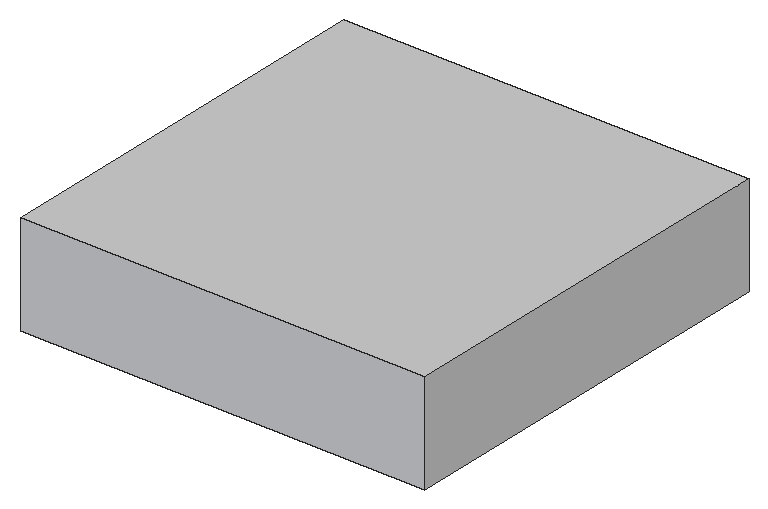
Revit family "GRIFO DE BIDET KILY sin desagüe automatico", category Aparatos sanitarios, Revit 2015
Parameters (values of type "4957000")
  URL = "http://www.griferiasgalindo.com/bidet/kily/grifo-de-bidet-kily?c=es"
  Teléfono = "(+34) 915 782 575"
  TIPO DE AGUA = "Fria/Caliente"
  REFERENCIA = "4957000"
  Presión Máxima = ""
  PESO BRUTO = ""
  Modelo = "KILY"
  Material = LATON CROMADO
  Imagen de tipo = <Ninguno>
  Fabricante = "PRESTO IBÉRICA"
  Default Elevation = 1219.2 mm
  ENTRADA = "Con latiguillos flexibles de 3/8”"
  Descripción = "Grifo monomando de bidet Kily. Colección de líneas refinadas y elegantes que se adaptan a todo tipo de ambientes. Su original maneta de forma ondulada destaca en inclinación del escultural diseño del cuerpo del grifo. Una grifería que decora el espacio de baño con personalidad siendo piezas prácticas y ergonómicas muy confortables con el toque de distinción perfecto."
  Código de montaje = "C1030220"
  Contacto = "info@prestoiberica.com"
  Conexión AF = yes
  Conexión AC = yes
  Comentarios de tipo = "◦Grifo monomando de bidet\r\n◦Acabado Cromo\r\n◦Sin desagüe automático\r\n◦Cartucho sellado mezclador con discos cerámicos Ø25mm y aireador oculto\r\n◦Tubos de alimentación flexibles 3/8\" y longitud 45 cm."
  CIERRE = ""
  CAUDAL = "11,4 l/min a 3 bar"
  Accionamiento = "Por maneta"
Reference planes
  plane 1 "Centro (Frontal/Posterior)": y = 0
  plane 2: z = 0
  plane 3 "Centro (Izquierda/Derecha)": x = 0
Forms (mm)
  Extrusion 1, solid
    sketch origin (0, 0, 0) x (1, 0, 0) y (0, 1, 0)
      loop
        line (-100, 100) -> (-100, -100) -> (100, -100) -> (100, 100) -> (-100, 100)
    from 0 to -50
Dimensions and locks
  Extrusion 1 sketch curve to plane 1 "Centro (Frontal/Posterior)" = 100 mm
  aligned and locked: plane 2 to Extrusion 1
  aligned and locked: level to Extrusion 1
Connectors
  piping at (7.983, -7, 0), diameter 9.5
    settings: on import instance, index 1, connector inside diameter 609.6 mm, connector length 0 mm, flow factor 0, pipe flow 0.0 L/s, pressure drop 0.0 Pa, fitting loss kfactor 0, connector angle 0.00°, fixture units 0, engagement length 0 mm, angle of deflection 0.00°, flow configuration 0, flow direction 1, fitting loss method 0, system type 7, joint type 0, gender type 0, connector reference index -1, connector utility 0, adjustable connector no, is connector primary yes, connector description ""
